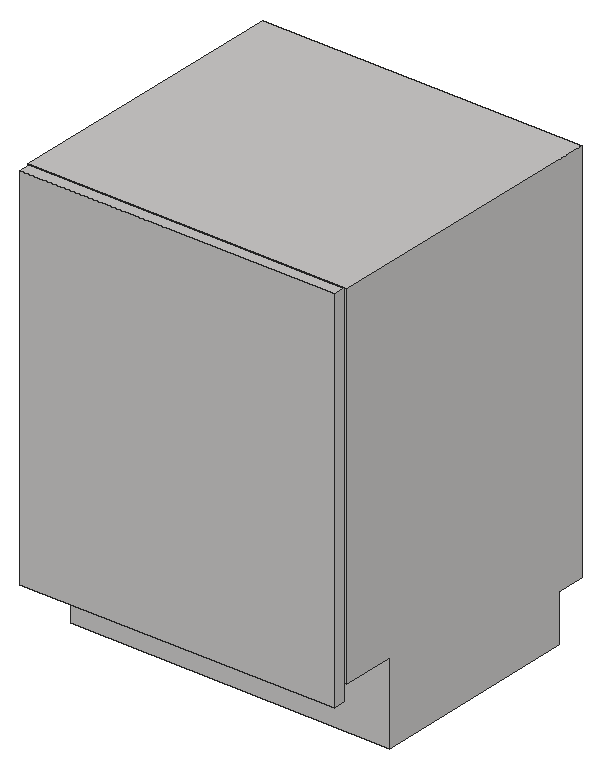
Revit family "DF481700F", category Generic Models, Revit 2015
Parameters (values of type "DF481700F")
  Width = 598 mm
  URL = "http://www.gaggenau.com."
  Model = "DF481700F"
  Manufacturer = "Gaggenau"
  Height = 815 mm
  Fridge = Metal Panel
  Door = Metal Panel
  Description = "Gaggenau Dishwasher 400 series fully integrated with flexible hinge Tall tub, appliance height 34 ⅛\""
  Depth = 550 mm
Reference planes
  plane 1 "Center (Front/Back)": y = 0
  plane 2: z = 0
  plane 3 "Center (Left/Right)": x = 0
  plane 4: x = -299
  plane 5: x = 299
  plane 6: z = 815
  plane 7: z = 152
  plane 8: z = 89
  plane 9: z = 20
  plane 10: y = 275
  plane 11: y = -275
  plane 12: y = -297
Forms (mm)
  Extrusion 1, solid, material "Metal Panel" <- "Fridge"
    sketch origin (0, 0, 0) x (0, 1, 0) y (0, 0, 1)
      loop
        line (275, 89) -> (275, 815) -> (-275, 815) -> (-275, 152) -> (-175, 152) -> (-175, 0) -> (222, 0) -> (222, 89) -> (275, 89)
    from -299 to 299
  Extrusion 2, solid, material "Metal Panel" <- "Door"
    sketch origin (0, 0, 0) x (0, 1, 0) y (0, 0, 1)
      loop
        line (-297, 815) -> (-297, 120) -> (-275, 120) -> (-275, 815) -> (-297, 815)
    from -295.471 to 293.529
Dimensions and locks
  "Width": plane 4 to plane 5
  equal spacing: plane 4, plane 3 "Center (Left/Right)", plane 5
  "Height": plane 6 to level
  plane 7 to plane 2 = 152 mm
  plane 6 to plane 7 = 663 mm
  equal spacing: plane 10, plane 1 "Center (Front/Back)", plane 11
  "Depth": plane 10 to plane 11
  plane 10 to plane 11 = 550 mm
  aligned and locked: level to plane 2
  aligned and locked: plane 6 to Extrusion 2
Automatic sketch dimensions
  Extrusion 1 sketch curve to plane 6 = 0 mm
  Extrusion 1 sketch curve to plane 7 = 0 mm
  Extrusion 1 sketch curve to level = 0 mm
  Extrusion 1 sketch curve to plane 8 = 0 mm
  Extrusion 1 sketch curve to plane 10 = 0 mm
  Extrusion 1 sketch curve to plane 10 = 53 mm
  plane 11 to Extrusion 1 sketch curve = 0 mm
  Extrusion 2 sketch curve to plane 7 = 32 mm
  Extrusion 2 sketch curve to plane 11 = 22 mm
  plane 11 to Extrusion 2 sketch curve = 0 mm
  Extrusion 2 sketch curve to plane 6 = 0 mm
  plane 11 to Extrusion 1 sketch curve = 100 mm
